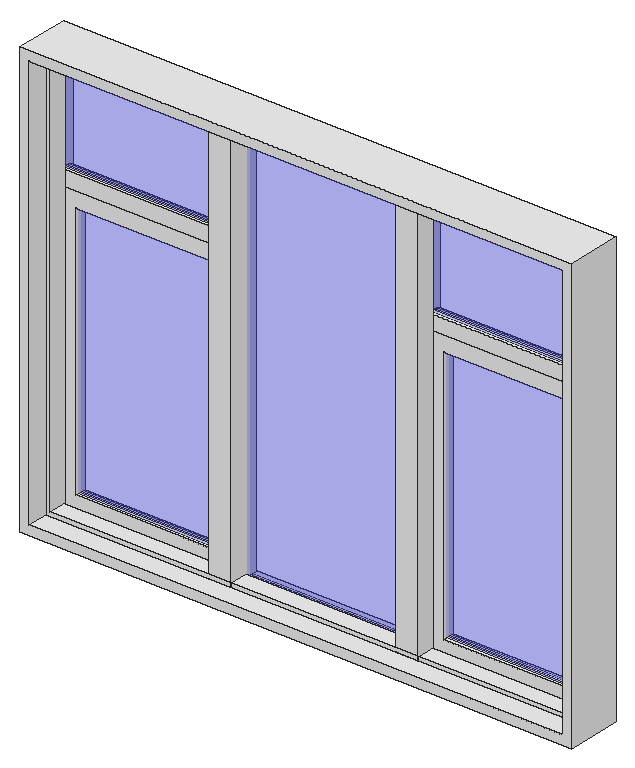
Revit family "ed0521a98f7946948b3311d2a9f7d9aa", category Windows, host Wall, Revit 2021
Family settings
  Host = Wall
  OmniClass Number = 23.30.20.00
  OmniClass Title = Windows
  Always vertical = Yes
  Cut with Voids When Loaded = No
  Shared = No
  Room Calculation Point = No
Parameters (values of type "61" x 48"")
  Window Width = Width / 3  # 1' - 8.33333"
  Window Inset [instance] = 0' - 0 5/8"
  Wall Thickness [instance] = 0' - 6"
  Visual Light Transmittance = 0.81
  Transom Height Ratio = 0.3
  Thermal Resistance (R) = 1.8146 (h·ft²·°F)/BTU
  Solar Heat Gain Coefficient = 0.76
  Rough Width = Width + 0' 0 1/2"  # 5' - 1 1/2"
  Rough Height = Height + 0' 0 1/2"  # 4' - 0 1/2"
  Open Window Height = Height - Transom Height  # 2' - 9.6"
  Heat Transfer Coefficient (U) = 0.5511 BTU/(h·ft²·°F)
  Frame Material = Metal - Aluminum
  Height = 4' - 0"
  Glass Panel Material = Glass
  Transom Height = Transom Height Ratio * Height  # 1' - 2.4"
  Frame Gap 3 [instance] = Frame Gap 1 + 0' 0 1/4"  # 0' - 1 83/128"
  Frame Gap 2 [instance] = if(Window Inset > 0' 0 5/8", Window Inset, 0' 0 5/8")  # 0' - 0 5/8"
  Frame Gap 1 = 0' - 1 51/128"
  Fire Rating = "0.5h"
  Default Sill Height = 3' - 0"
  Wall Closure = By host
  Width = 5' - 1"
  Assembly Code = "B2020100"
  Analytic Construction = "Double glazing - domestic"
Types (4): name | Window Width | Rough Width | Rough Height | Open Window Height | Height | Transom Height | Width
  (no name) | 1' - 8.33333" | 5' - 1 1/2" | 4' - 0 1/2" | 2' - 9.6" | 4' - 0" | 1' - 2.4" | 5' - 1"
  72" x 53" | 2' - 0" | 6' - 0 1/2" | 4' - 5 1/2" | 3' - 1.1" | 4' - 5" | 1' - 3.9" | 6' - 0"
  61" x 48" | 1' - 8.33333" | 5' - 1 1/2" | 4' - 0 1/2" | 2' - 9.6" | 4' - 0" | 1' - 2.4" | 5' - 1"
  85" x 60" | 2' - 4.33333" | 7' - 1 1/2" | 5' - 0 1/2" | 3' - 6" | 5' - 0" | 1' - 6" | 7' - 1"
Reference planes (in)
  plane 1 "Center (Front/Back)": y = 0
  plane 2: z = 0
  plane 3 "Center (Left/Right)": x = 0
  plane 4 "Left": x = -30.5
  plane 5 "Right": x = 30.5
  plane 6 "Sill": z = 36
  plane 7 "Head": z = 84
  plane 8 "Exterior": y = 3
  plane 9 "Interior": y = -3
  plane 10 "Glass 1": y = 2.375
  plane 11: y = -0.625
  plane 12: x = -29.5
  plane 13: x = 29.5
  plane 14: y = 1.375
  plane 15: x = -29.10156
  plane 16: x = 29.10156
  plane 17: x = -10.16667
  plane 18: x = 10.16667
  plane 19: x = -11.16667
  plane 20: x = -9.16667
  plane 21: x = 9.16667
  plane 22: x = 11.16667
  plane 23: x = -11.5651
  plane 24: x = -8.76823
  plane 25: x = 8.76823
  plane 26: x = 11.5651
  plane 27: z = 83
  plane 28: z = 37
  plane 29 "Sash Offset": y = 2.625
  plane 30: y = 3
  plane 31: x = -27.85156
  plane 32: x = -12.8151
  plane 33: x = -7.51823
  plane 34: x = 7.51823
  plane 35: x = 12.8151
  plane 36: x = 27.85156
  plane 37: z = 37.39844
  plane 38: z = 82.60156
  plane 39: z = 70.42422
  plane 40 "Glass 2": y = 2.125
  plane 41 "Glass 3": y = 1.875
  plane 42 "Glass 4": y = 1.625
  plane 43 "Middle": z = 53.71211
  plane 44 "Mullion Offset": y = 2.875
  plane 45: z = 68.77578
  plane 46: z = 69.6
Forms (in)
  Sweep 1, solid, material "Metal - Aluminum" <- "Frame Material"
    path origin (0, 0, 0) x (1, 0, 0) y (0, 0, 1)
      loop
        line (-30.5, 36) -> (30.5, 36) -> (30.5, 84) -> (-30.5, 84) -> (-30.5, 36)
    profile origin (-30.5, 0, 60) x (-1, 0, 0) y (0, -1, 0)
      loop
        line (-1, -3) -> (0, -3) -> (0, 3) -> (-1, 3) -> (-1, 0.625) -> (-1.39844, 0.625) -> (-1.39844, -1.375) -> (-1, -1.375) -> (-1, -3)
  Extrusion 2, solid, material "Metal - Aluminum" <- "Frame Material"
    sketch origin (0, 0, 36) x (0, -1, 0) y (1, 0, 0)
      loop
        line (-2.875, -11.16667) -> (-1.375, -11.16667) -> (-1.375, -11.5651) -> (0.625, -11.5651) -> (0.625, -9.16667) -> (-2.875, -9.16667) -> (-2.875, -11.16667)
      loop
        line (-2.875, 9.16667) -> (0.625, 9.16667) -> (0.625, 11.5651) -> (-1.375, 11.5651) -> (-1.375, 11.16667) -> (-2.875, 11.16667) -> (-2.875, 9.16667)
    from 1 to 47
  Sweep 3, solid, material "Metal - Aluminum" <- "Frame Material"
    path origin (-18.69568, 2.625, 48) x (-1, 0, 0) y (0, 0, 1)
      loop
        line (-48.19568, -11) -> (-29.86235, -11) -> (-29.86235, 20.77578) -> (-48.19568, 20.77578) -> (-48.19568, -11)
    profile origin (29.5, 2.625, 52.88789) x (1, 0, 0) y (0, 1, 0)
      loop
        line (-1.64844, 0) -> (-1.64844, -1.25) -> (0, -1.25) -> (0, 0) -> (-1.64844, 0)
  Sweep 4, solid, material "Metal - Aluminum" <- "Frame Material"
    path origin (-18.69568, 2.625, 48) x (-1, 0, 0) y (0, 0, 1)
      loop
        line (10.80432, -11) -> (10.80432, 20.77578) -> (-7.52901, 20.77578) -> (-7.52901, -11) -> (10.80432, -11)
    profile origin (-29.5, 2.625, 52.88789) x (1, 0, 0) y (0, 1, 0)
      loop
        line (0, 0) -> (0, -1.25) -> (1.64844, -1.25) -> (1.64844, 0) -> (0, 0)
  Extrusion 5, solid, material "Glass" <- "Glass Panel Material"
    sketch origin (0, 0, 36) x (0, -1, 0) y (1, 0, 0)
      loop
        line (-2.375, -27.85156) -> (-2.125, -27.85156) -> (-2.125, -12.8151) -> (-2.375, -12.8151) -> (-2.375, -27.85156)
      loop
        line (-1.875, -27.85156) -> (-1.625, -27.85156) -> (-1.625, -12.8151) -> (-1.875, -12.8151) -> (-1.875, -27.85156)
      loop
        line (-2.375, 12.8151) -> (-2.125, 12.8151) -> (-2.125, 27.85156) -> (-2.375, 27.85156) -> (-2.375, 12.8151)
      loop
        line (-1.875, 12.8151) -> (-1.625, 12.8151) -> (-1.625, 27.85156) -> (-1.875, 27.85156) -> (-1.875, 12.8151)
    from 2.64844 to 31.12734
  Extrusion 6, solid, material "Metal - Aluminum" <- "Frame Material"
    sketch origin (-7.51823, 7.34112, 48) x (0, 1, 0) y (0, 0, 1)
      loop
        line (-4.71612, 22.42422) -> (-5.96612, 22.42422) -> (-5.96612, 20.77578) -> (-4.71612, 20.77578) -> (-4.71612, 22.42422)
    from 18.6849 to 37.01823
  Extrusion 7, solid, material "Glass" <- "Glass Panel Material"
    sketch origin (0, 0, 36) x (0, -1, 0) y (1, 0, 0)
      loop
        line (-2.375, -9.16667) -> (-2.125, -9.16667) -> (-2.125, 9.16667) -> (-2.375, 9.16667) -> (-2.375, -9.16667)
      loop
        line (-1.875, -9.16667) -> (-1.625, -9.16667) -> (-1.625, 9.16667) -> (-1.875, 9.16667) -> (-1.875, -9.16667)
    from 1 to 47
  Extrusion 8, solid, material "Metal - Aluminum" <- "Frame Material"
    sketch origin (-7.51823, 7.34112, 48) x (0, 1, 0) y (0, 0, 1)
      loop
        line (-4.71612, 22.42422) -> (-5.96612, 22.42422) -> (-5.96612, 20.77578) -> (-4.71612, 20.77578) -> (-4.71612, 22.42422)
    from -21.98177 to -3.64844
  Extrusion 9, solid, material "Glass" <- "Glass Panel Material"
    sketch origin (0, 0, 36) x (0, -1, 0) y (1, 0, 0)
      loop
        line (-2.375, -29.5) -> (-2.125, -29.5) -> (-2.125, -11.16667) -> (-2.375, -11.16667) -> (-2.375, -29.5)
      loop
        line (-1.875, -29.5) -> (-1.625, -29.5) -> (-1.625, -11.16667) -> (-1.875, -11.16667) -> (-1.875, -29.5)
      loop
        line (-2.375, 11.16667) -> (-2.125, 11.16667) -> (-2.125, 29.5) -> (-2.375, 29.5) -> (-2.375, 11.16667)
      loop
        line (-1.875, 11.16667) -> (-1.625, 11.16667) -> (-1.625, 29.5) -> (-1.875, 29.5) -> (-1.875, 11.16667)
    from 34.42422 to 47
Lines and regions (in)
  Opening 1
    outline origin (-60, -3, 0) x (1, 0, 0) y (0, 0, 1)
      loop
        line (29.5, 84) -> (29.5, 36) -> (90.5, 36) -> (90.5, 84) -> (29.5, 84)
  symbolic lines, style "Elevation Swing"
    curve 1: line (11.16667, 2.625, 68.77578) -> (29.5, 2.625, 53.71211)
    curve 2: line (29.5, 2.625, 53.71211) -> (11.16667, 2.625, 37)
    curve 3: line (-11.16667, 2.625, 68.77578) -> (-29.5, 2.625, 53.71211)
    curve 4: line (-29.5, 2.625, 53.71211) -> (-11.16667, 2.625, 37)
Text (in)
  text "EXTERIOR" at (-58.6888, 50.90694, 0), in view "Ref. Level"
  text "INTERIOR" at (-58.6888, -37.76638, 0), in view "Ref. Level"
  text "Exterior" at (0, 43.65631, 123.19604), in view "Left"
  text "Exterior" at (0, 18.29385, 125.04747), in view "Right"
Dimensions and locks (in)
  equal spacing: plane 4 "Left", plane 3 "Center (Left/Right)", plane 5 "Right"
  "Width": plane 4 "Left" to plane 5 "Right"
  "Height": plane 6 "Sill" to plane 7 "Head"
  "Default Sill Height": plane 2 to plane 6 "Sill"
  "Window Inset": plane 8 "Exterior" to plane 10 "Glass 1"
  locked: plane 4 "Left" to plane 12 at 1
  locked: plane 13 to plane 5 "Right" at 1
  "Frame Gap 1": plane 4 "Left" to plane 15
  "Frame Gap 1": plane 16 to plane 5 "Right"
  locked: plane 14 to plane 11 at 2
  equal spacing: plane 4 "Left", plane 17, plane 18, plane 5 "Right"
  locked: plane 19 to plane 17 at 1
  locked: plane 17 to plane 20 at 1
  locked: plane 21 to plane 18 at 1
  locked: plane 18 to plane 22 at 1
  "Frame Gap 1": plane 23 to plane 17
  "Frame Gap 1": plane 17 to plane 24
  "Frame Gap 1": plane 25 to plane 18
  "Frame Gap 1": plane 18 to plane 26
  locked: plane 7 "Head" to plane 27 at 1
  locked: plane 28 to plane 6 "Sill" at 1
  "Frame Gap 2": plane 30 to plane 10 "Glass 1"
  "Frame Gap 3": plane 12 to plane 31
  "Frame Gap 3": plane 32 to plane 19
  "Frame Gap 3": plane 20 to plane 33
  "Frame Gap 3": plane 34 to plane 21
  "Frame Gap 3": plane 22 to plane 35
  "Frame Gap 3": plane 36 to plane 13
  "Frame Gap 1": plane 6 "Sill" to plane 37
  "Frame Gap 1": plane 38 to plane 7 "Head"
  "Frame Gap 3": Extrusion 6 sketch curve to Extrusion 6 sketch curve
  locked: plane 10 "Glass 1" to plane 40 "Glass 2" at 0.25
  locked: plane 40 "Glass 2" to plane 41 "Glass 3" at 0.25
  locked: plane 41 "Glass 3" to plane 42 "Glass 4" at 0.25
  locked: plane 10 "Glass 1" to plane 14 at 1
  locked: plane 29 "Sash Offset" to plane 10 "Glass 1" at 0.25
  locked: plane 44 "Mullion Offset" to plane 29 "Sash Offset" at 0.25
  "Frame Gap 3": plane 45 to plane 39
  equal spacing: plane 28, plane 43 "Middle", plane 39
  "Wall Thickness": host wall to host wall
  equal spacing: plane 45, plane 46, plane 39
  "Transom Height": plane 46 to plane 7 "Head"
  aligned and locked: plane 7 "Head" to Opening 1 sketch curve
  aligned and locked: plane 6 "Sill" to Opening 1 sketch curve  (x2)
  aligned and locked: plane 5 "Right" to Opening 1 sketch curve
  aligned and locked: plane 4 "Left" to Opening 1 sketch curve
  aligned and locked: level to plane 2
  aligned and locked: host wall to plane 8 "Exterior"
  aligned and locked: plane 9 "Interior" to host wall
  aligned and locked: Sweep 1 sketch curve to plane 4 "Left"  (x2)
  aligned and locked: plane 7 "Head" to Sweep 1 sketch curve  (x2)
  aligned and locked: plane 5 "Right" to Sweep 1 sketch curve  (x2)
  aligned and locked: plane 6 "Sill" to Sweep 1 sketch curve  (x2)
  aligned and locked: plane 4 "Left" to Sweep 1 sketch curve
  aligned and locked: Sweep 1 sketch curve to plane 14
  aligned and locked: Sweep 1 sketch curve to plane 15
  aligned and locked: plane 11 to Sweep 1 sketch curve  (x2)
  aligned and locked: plane 9 "Interior" to Sweep 1 sketch curve  (x2)
  aligned and locked: plane 12 to Sweep 1 sketch curve  (x2)
  aligned and locked: plane 15 to Sweep 1 sketch curve
  aligned and locked: plane 14 to Sweep 1 sketch curve
  aligned and locked: Extrusion 2 sketch curve to plane 19
  aligned and locked: Extrusion 2 to Sweep 1
  aligned and locked: plane 30 to Sweep 1 sketch curve
  aligned and locked: Sweep 4 sketch curve to plane 19
  aligned and locked: plane 28 to Sweep 4 sketch curve  (x2)
  aligned and locked: plane 12 to Sweep 4 sketch curve  (x2)
  aligned and locked: plane 19 to Sweep 4 sketch curve
  aligned and locked: Sweep 4 sketch curve to profile plane  (x2)
  aligned and locked: plane 14 to Sweep 4 sketch curve
  aligned and locked: Sweep 4 sketch curve to plane 31
  aligned and locked: plane 28 to Sweep 3 sketch curve  (x2)
  aligned and locked: plane 13 to Sweep 3 sketch curve  (x2)
  aligned and locked: plane 22 to Sweep 3 sketch curve  (x2)
  aligned and locked: Sweep 3 sketch curve to profile plane
  aligned and locked: plane 36 to Sweep 3 sketch curve
  aligned and locked: Sweep 3 sketch curve to Sweep 1
  aligned and locked: Sweep 1 to Sweep 3 sketch curve
  aligned and locked: plane 29 "Sash Offset" to Extrusion 6 sketch curve
  aligned and locked: Extrusion 6 sketch curve to plane 14
  aligned and locked: plane 10 "Glass 1" to Extrusion 5 sketch curve  (x2)
  aligned and locked: Extrusion 5 sketch curve to plane 31
  aligned and locked: Extrusion 5 sketch curve to plane 40 "Glass 2"  (x2)
  aligned and locked: plane 32 to Extrusion 5 sketch curve  (x2)
  aligned and locked: Extrusion 5 sketch curve to plane 41 "Glass 3"
  aligned and locked: Extrusion 5 sketch curve to plane 42 "Glass 4"  (x2)
  aligned and locked: Extrusion 5 sketch curve to plane 35  (x2)
  aligned and locked: plane 36 to Extrusion 5 sketch curve  (x2)
  aligned and locked: plane 41 "Glass 3" to Extrusion 5 sketch curve
  aligned and locked: plane 13 to curve 2
  aligned and locked: plane 43 "Middle" to curve 1
  aligned and locked: plane 22 to curve 2
  aligned and locked: plane 28 to curve 2
  aligned and locked: plane 28 to curve 4
  aligned and locked: plane 19 to curve 4
  aligned and locked: plane 43 "Middle" to curve 4
  aligned and locked: plane 12 to curve 4
  aligned and locked: plane 39 to Extrusion 6
  aligned and locked: plane 44 "Mullion Offset" to Extrusion 2  (x2)
  aligned and locked: Extrusion 8 sketch curve to Extrusion 6  (x4)
  aligned and locked: plane 45 to Sweep 4 sketch curve
  aligned and locked: plane 13 to Extrusion 6
  aligned and locked: Extrusion 6 to plane 22
  aligned and locked: Extrusion 5 to Sweep 4  (x2)
  aligned and locked: Extrusion 2 sketch curve to plane 20
  aligned and locked: plane 11 to Extrusion 2 sketch curve  (x4)
  aligned and locked: plane 23 to Extrusion 2 sketch curve
  aligned and locked: Extrusion 2 sketch curve to plane 14
  aligned and locked: plane 20 to Extrusion 2 sketch curve
  aligned and locked: plane 44 "Mullion Offset" to Extrusion 2 sketch curve  (x4)
  aligned and locked: plane 19 to Extrusion 2 sketch curve
  aligned and locked: plane 14 to Extrusion 2 sketch curve  (x2)
  aligned and locked: plane 26 to Extrusion 2 sketch curve  (x2)
  aligned and locked: plane 21 to Extrusion 2 sketch curve  (x2)
  aligned and locked: plane 22 to Extrusion 2 sketch curve  (x2)
  aligned and locked: plane 19 to Extrusion 8
  aligned and locked: Extrusion 8 to plane 12
  aligned and locked: plane 10 "Glass 1" to Extrusion 7 sketch curve
  aligned and locked: Extrusion 7 sketch curve to plane 20  (x2)
  aligned and locked: Extrusion 7 sketch curve to plane 40 "Glass 2"
  aligned and locked: plane 21 to Extrusion 7 sketch curve  (x2)
  aligned and locked: plane 41 "Glass 3" to Extrusion 7 sketch curve
  aligned and locked: Extrusion 7 sketch curve to plane 42 "Glass 4"
  aligned and locked: Extrusion 7 to plane 28
  aligned and locked: plane 27 to Extrusion 7
  aligned and locked: plane 10 "Glass 1" to Extrusion 9 sketch curve  (x2)
  aligned and locked: Extrusion 9 sketch curve to plane 12  (x2)
  aligned and locked: Extrusion 9 sketch curve to plane 40 "Glass 2"  (x2)
  aligned and locked: Extrusion 9 sketch curve to Extrusion 2
  aligned and locked: Extrusion 9 sketch curve to plane 41 "Glass 3"
  aligned and locked: Extrusion 9 sketch curve to plane 42 "Glass 4"  (x2)
  aligned and locked: plane 19 to Extrusion 9 sketch curve
  aligned and locked: Extrusion 9 sketch curve to plane 22  (x2)
  aligned and locked: plane 13 to Extrusion 9 sketch curve  (x2)
  aligned and locked: plane 41 "Glass 3" to Extrusion 9 sketch curve
  aligned and locked: plane 27 to Extrusion 9
  aligned and locked: Extrusion 9 to plane 39
  aligned and locked: nested 1 to plane 4 "Left"
  aligned and locked: nested 1 to plane 8 "Exterior"
  aligned and locked: nested 2 to plane 5 "Right"
  aligned and locked: plane 18 to nested 3
  aligned and locked: nested 3 to plane 8 "Exterior"
  aligned and locked: nested 3 to plane 7 "Head"
  aligned and locked: plane 39 to nested 1
  aligned and locked: Sweep 1 sketch curve to plane 30
  aligned and locked: Extrusion 2 to plane 28
  aligned and locked: nested 2 to plane 8 "Exterior"
  aligned and locked: plane 45 to curve 1
  aligned and locked: plane 22 to curve 1
  aligned and locked: plane 45 to curve 3
  aligned and locked: plane 19 to curve 3
Automatic sketch dimensions
  Extrusion 5 sketch curve to plane 31 = 0' - 0"
  Sweep 3 sketch curve to plane 45 = 0' - 0"
  Extrusion 9 sketch curve to plane 40 "Glass 2" = 0' - 0"
  Extrusion 6 sketch curve to plane 45 = 0' - 0"
Nested families (in)
  nested 1: "Plan-Casement" at (-20.33333, 3, 36.82422), Window Inset <- "Window Inset", Width <- "Window Width", Height <- "Open Window Height", Wall Thickness <- "Wall Thickness", type "Plan-Casement"
    with Window Inset of 3D 0' - 0 1/8", Window Inset 0' - 0 5/8", Width 1' - 8.33333", Wall Thickness 0' - 6", Top Line no, Right Line no, RH no, Left Line yes, LH yes, Height 2' - 9.6", Bottom Line yes
  nested 2: "Plan-Casement" at (20.33333, 3, 36), Window Inset <- "Window Inset", Width <- "Window Width", Height <- "Open Window Height", Wall Thickness <- "Wall Thickness", type "Plan-Casement"
    with Window Inset of 3D 0' - 0 1/8", Window Inset 0' - 0 5/8", Width 1' - 8.33333", Wall Thickness 0' - 6", Top Line no, Right Line yes, RH yes, Left Line no, LH no, Height 2' - 9.6", Bottom Line yes
  nested 3: "Plan-Fixed_Simple" at (0, 3, 69.6), Window Inset <- "Window Inset", Width <- "Window Width", Height <- "Transom Height", Wall Thickness <- "Wall Thickness", type "Plan-Fixed_Simple"
    with Window Inset of 3D 0' - 0 1/8", Window Inset 0' - 0 5/8", Width 1' - 8.33333", Wall Thickness 0' - 6", Top Line yes, Right Line no, Left Line no, Height 1' - 2.4", Bottom Line no
Definition of nested family "Plan-Casement"
  Parameters (values of type "Plan-Casement")
    Window Inset [instance] = 0' - 1"
    Window Inset of 3D [instance] = if(Window Inset - 0' 0 1/2" < 0' 0", 0' 0", if(Window Inset - 0' 0 1/2" < Wall Thickness - 0' 3 1/2", Window Inset - 0' 0 1/2", Wall Thickness - 0' 3 1/2"))  # 0' - 0 1/2"
    Width [instance] = 4' - 0"
    Wall Thickness [instance] = 0' - 6"
    Top Line [instance] = yes
    Right Line [instance] = yes
    RH [instance] = yes
    Left Line [instance] = yes
    LH [instance] = yes
    Height [instance] = 3' - 0"
    Default Elevation = 4' - 0"
    Bottom Line [instance] = yes
    Analytic Construction = "<None>"
  Reference planes (in)
    plane 1 "Center (Front/Back)": y = 0
    plane 2: z = 0
    plane 3 "Center (Left/Right)": x = 0
    plane 4: x = -24
    plane 5: x = 24
    plane 6 "Jamb": y = -4
    plane 7: x = -23.5
    plane 8: x = -22.75
    plane 9: y = -0.5
    plane 10: y = -2.25
    plane 11: y = -1.375
    plane 12: x = -21.25
    plane 13: x = 23.5
    plane 14: x = 22.75
    plane 15: x = 21.25
    plane 16 "Window Inset": y = -1
    plane 17 "Wall": y = -6
    plane 18: z = 36
    plane 19: z = 35.5
    plane 20: z = 0.5
    plane 21: z = 34.75
    plane 22: z = 1.25
    plane 23: z = 33.25
    plane 24: z = 2.75
  Lines and regions (in)
    Masking region 1
      outline origin (0, 0.75, 0) x (1, 0, 0) y (0, 1, 0)
        loop
          line (-24, -0.75) -> (-24, -6.75) -> (24, -6.75) -> (24, -0.75) -> (-24, -0.75)
    Masking region 2
      outline origin (0, 0, 0) x (0, 1, 0) y (0, 0, 1)
        loop
          line (0, 36) -> (-6, 36) -> (-6, 0) -> (0, 0) -> (0, 36)
    symbolic lines
      curve 1: line (-23.5, -2.25, 0) -> (-22.75, -2.25, 0)
      curve 2: line (-22.75, -2.25, 0) -> (-22.75, -4, 0)
      curve 3: line (-23.5, -0.5, 0) -> (-23.5, -2.25, 0)
      curve 4: line (-21.25, -0.5, 0) -> (-21.25, -2.25, 0)
      curve 5: line (-21.25, -2.25, 0) -> (-22.75, -2.25, 0)
      curve 6: line (-21.25, -1.375, 0) -> (21.25, -1.375, 0)
      curve 7: line (23.5, -2.25, 0) -> (22.75, -2.25, 0)
      curve 8: line (22.75, -2.25, 0) -> (22.75, -4, 0)
      curve 9: line (23.5, -0.5, 0) -> (23.5, -2.25, 0)
      curve 10: line (21.25, -0.5, 0) -> (21.25, -2.25, 0)
      curve 11: line (21.25, -2.25, 0) -> (22.75, -2.25, 0)
      curve 14: line (-24, -4, 0) -> (-22.75, -4, 0)
      curve 15: line (22.75, -4, 0) -> (24, -4, 0)
      curve 16: line (22.75, -4, 0) -> (-22.75, -4, 0)
      curve 17: line (0, -0.5, 35.5) -> (0, -2.25, 35.5)
      curve 18: line (0, -2.25, 34.75) -> (0, -4, 34.75)
      curve 19: line (0, -0.5, 0.5) -> (0, -2.25, 0.5)
      curve 20: line (0, -2.25, 0.5) -> (0, -2.25, 2.75)
      curve 21: line (0, -2.25, 1.25) -> (0, -4, 1.25)
      curve 22: line (0, -0.5, 36) -> (0, -0.5, 33.25)
      curve 23: line (0, -0.5, 33.25) -> (0, -2.25, 33.25)
      curve 24: line (0, -2.25, 2.75) -> (0, -0.5, 2.75)
      curve 25: line (0, -1.375, 2.75) -> (0, -1.375, 33.25)
      curve 28: line (0, -2.25, 35.5) -> (0, -2.25, 33.25)
      curve 29: line (21.25, -0.5, 0) -> (24, -0.5, 0)
      curve 30: line (-21.25, -0.5, 0) -> (-24, -0.5, 0)
      curve 31: line (0, -0.5, 2.75) -> (0, -0.5, 0)
      curve 32: line (-21.25, -0.5, 0) -> (21.25, -0.5, 0)
      curve 33: line (0, -0.5, 33.25) -> (0, -0.5, 2.75)
      curve 38: line (0, -4, 1.25) -> (0, -4, 34.75)
      curve 39: line (0, -4, 1.25) -> (0, -4, 0)
      curve 40: line (0, -4, 36) -> (0, -4, 34.75)
    symbolic lines, visible <- "RH"
      curve 12: arc (-23.5, -0.5, 0) -> (-19.92234, 17.48612, 0) -> (-9.73402, 32.73402, 0) r 47
      curve 26: line (23.5, -0.5, 0) -> (-9.73402, 32.73402, 0)
    symbolic lines, visible <- "LH"
      curve 13: line (-23.5, -0.5, 0) -> (9.73402, 32.73402, 0)
      curve 27: arc (23.5, -0.5, 0) -> (19.92234, 17.48612, 0) -> (9.73402, 32.73402, 0) r 47
    symbolic lines, visible <- "Right Line"
      curve 34: line (24, 0, 0) -> (24, -6, 0)
    symbolic lines, visible <- "Left Line"
      curve 35: line (-24, 0, 0) -> (-24, -6, 0)
    symbolic lines, visible <- "Top Line"
      curve 36: line (0, 0, 36) -> (0, -6, 36)
    symbolic lines, visible <- "Bottom Line"
      curve 37: line (0, 0, 0) -> (0, -6, 0)
  Dimensions and locks (in)
    "Width": plane 4 to plane 5
    equal spacing: plane 4, plane 3 "Center (Left/Right)", plane 5
    plane 4 to plane 7 to plane 8 = 0' - 0 1/2" locked, 0' - 0 3/4" locked
    equal spacing: plane 9, plane 11, plane 10
    locked: plane 7 to plane 12 at 2.25
    plane 5 to plane 13 to plane 14 = 0' - 0 1/2" locked, 0' - 0 3/4" locked
    locked: plane 13 to plane 15 at 2.25
    locked: plane 9 to plane 16 "Window Inset" at 0.5
    locked: plane 9 to plane 10 at 1.75
    "Wall Thickness": plane 17 "Wall" to plane 1 "Center (Front/Back)"
    "Height": plane 18 to plane 2
    locked: plane 18 to plane 19 at 0.5
    locked: plane 20 to plane 2 at 0.5
    locked: plane 19 to plane 21 at 0.75
    locked: plane 22 to plane 20 at 0.75
    locked: plane 19 to plane 23 at 2.25
    locked: plane 24 to plane 20 at 2.25
    locked: plane 10 to plane 6 "Jamb" at 1.75
    "Window Inset of 3D": plane 9 to plane 1 "Center (Front/Back)"
    locked: plane 9 to curve 13 (angle 45.00°)
    angle curve 26 to plane 16 "Window Inset" = 45.00°
    aligned and locked: plane 2 to level
    aligned and locked: curve 2 to plane 8
    aligned and locked: curve 1 to plane 10
    aligned and locked: plane 14 to curve 8
    aligned and locked: curve 14 to plane 6 "Jamb"
    aligned and locked: curve 15 to plane 6 "Jamb"
    aligned and locked: plane 21 to curve 18
    aligned and locked: plane 19 to curve 17
    aligned and locked: plane 22 to curve 21
    aligned and locked: plane 10 to curve 20
    aligned and locked: plane 20 to curve 19
    aligned and locked: curve 22 to plane 9
    aligned and locked: plane 23 to curve 23
    aligned and locked: curve 24 to plane 24
    aligned and locked: plane 11 to curve 25
    aligned and locked: plane 13 to curve 27
    aligned and locked: plane 9 to curve 13
    aligned and locked: plane 9 to curve 26
    aligned and locked: plane 5 to curve 29
    aligned and locked: plane 18 to curve 22
    aligned and locked: plane 9 to curve 17
    aligned and locked: plane 9 to curve 19
    aligned and locked: plane 9 to curve 3
    aligned and locked: plane 9 to curve 9
    aligned and locked: curve 28 to plane 10
    aligned and locked: plane 19 to curve 28
    aligned and locked: plane 23 to curve 28
    aligned and locked: plane 4 to curve 30
    aligned and locked: plane 9 to curve 31
    aligned and locked: plane 2 to curve 31
    aligned and locked: curve 32 to plane 9
    aligned and locked: plane 12 to curve 32
    aligned and locked: plane 15 to curve 32
    aligned and locked: plane 24 to curve 33
    aligned and locked: plane 1 "Center (Front/Back)" to curve 34
    aligned and locked: plane 17 "Wall" to curve 34
    aligned and locked: curve 34 to plane 5
    aligned and locked: plane 17 "Wall" to curve 35
    aligned and locked: plane 1 "Center (Front/Back)" to curve 35
    aligned and locked: curve 35 to plane 4
    aligned and locked: plane 17 "Wall" to curve 37
    aligned and locked: plane 1 "Center (Front/Back)" to curve 37
    aligned and locked: curve 37 to plane 2
    aligned and locked: plane 17 "Wall" to curve 36
    aligned and locked: plane 1 "Center (Front/Back)" to curve 36
    aligned and locked: curve 36 to plane 18
    aligned and locked: plane 1 "Center (Front/Back)" to Masking region 1 sketch curve
    aligned and locked: plane 17 "Wall" to Masking region 1 sketch curve
    aligned and locked: plane 4 to Masking region 1 sketch curve
    aligned and locked: Masking region 1 sketch curve to plane 5
    aligned and locked: plane 2 to Masking region 2 sketch curve
    aligned and locked: Masking region 2 sketch curve to plane 18
    aligned and locked: plane 1 "Center (Front/Back)" to Masking region 2 sketch curve
    aligned and locked: plane 17 "Wall" to Masking region 2 sketch curve
    aligned and locked: plane 6 "Jamb" to curve 21
    aligned and locked: plane 6 "Jamb" to curve 18
    aligned and locked: plane 10 to curve 18
    aligned and locked: plane 10 to curve 21
    aligned and locked: plane 22 to curve 39
    aligned and locked: plane 21 to curve 40
    aligned and locked: plane 6 "Jamb" to curve 40
  Automatic sketch dimensions
    curve 3 to plane 7 = 0' - 0"
    curve 27 to plane 7 = 0' - 0"
    curve 12 to plane 13 = 0' - 0"
    curve 7 to plane 10 = 0' - 0"
    curve 6 to plane 11 = 0' - 0"
Definition of nested family "Plan-Fixed_Simple"
  Parameters (values of type "Plan-Fixed_Simple")
    Window Inset [instance] = 0' - 1"
    Window Inset of 3D [instance] = if(Window Inset - 0' 0 1/2" < 0' 0", 0' 0", if(Window Inset - 0' 0 1/2" < Wall Thickness - 0' 3 1/2", Window Inset - 0' 0 1/2", Wall Thickness - 0' 3 1/2"))  # 0' - 0 1/2"
    Width [instance] = 4' - 0"
    Wall Thickness [instance] = 0' - 6"
    Top Line [instance] = yes
    Right Line [instance] = yes
    Left Line [instance] = yes
    Height [instance] = 3' - 0"
    Default Elevation = 4' - 0"
    Bottom Line [instance] = yes
    Analytic Construction = "<None>"
  Reference planes (in)
    plane 1 "Center (Front/Back)": y = 0
    plane 2: z = 0
    plane 3 "Center (Left/Right)": x = 0
    plane 4: x = -24
    plane 5: x = 24
    plane 6 "Jamb": y = -4
    plane 7: x = -23.5
    plane 8: y = -0.5
    plane 9: y = -2.25
    plane 10: y = -1.375
    plane 11: x = 23.5
    plane 12 "Window Inset": y = -1
    plane 13 "Wall": y = -6
    plane 14: z = 36
    plane 15: z = 35.5
    plane 16: z = 0.5
    plane 17: z = 34.75
    plane 18: z = 1.25
    plane 19: z = 33.25
    plane 20: z = 2.75
  Lines and regions (in)
    Masking region 1
      outline origin (0, 0.75, 0) x (1, 0, 0) y (0, 1, 0)
        loop
          line (-24, -0.75) -> (-24, -6.75) -> (24, -6.75) -> (24, -0.75) -> (-24, -0.75)
    Masking region 2
      outline origin (0, 0, 0) x (0, 1, 0) y (0, 0, 1)
        loop
          line (-6, 0) -> (0, 0) -> (0, 36) -> (-6, 36) -> (-6, 0)
    symbolic lines
      curve 1: line (-23.5, -0.5, 0) -> (-23.5, -4, 0)
      curve 2: line (-23.5, -1.375, 0) -> (23.5, -1.375, 0)
      curve 3: line (23.5, -0.5, 0) -> (23.5, -4, 0)
      curve 4: line (-24, -4, 0) -> (-23.5, -4, 0)
      curve 5: line (23.5, -4, 0) -> (24, -4, 0)
      curve 6: line (23.5, -4, 0) -> (-23.5, -4, 0)
      curve 7: line (0, -0.5, 35.5) -> (0, -4, 35.5)
      curve 8: line (0, -4, 0.5) -> (0, -4, 35.5)
      curve 9: line (0, -0.5, 0.5) -> (0, -4, 0.5)
      curve 10: line (0, -0.5, 36) -> (0, -0.5, 35.5)
      curve 11: line (0, -1.375, 0.5) -> (0, -1.375, 35.5)
      curve 12: line (23.5, -0.5, 0) -> (24, -0.5, 0)
      curve 13: line (-23.5, -0.5, 0) -> (-24, -0.5, 0)
      curve 14: line (0, -0.5, 0.5) -> (0, -0.5, 0)
      curve 15: line (-23.5, -0.5, 0) -> (23.5, -0.5, 0)
      curve 16: line (0, -0.5, 0.5) -> (0, -0.5, 35.5)
      curve 17: line (0, -4, 0.5) -> (0, -4, 0)
      curve 18: line (0, -4, 35.5) -> (0, -4, 36)
    symbolic lines, visible <- "Left Line"
      curve 19: line (-24, 0, 0) -> (-24, -6, 0)
    symbolic lines, visible <- "Right Line"
      curve 20: line (24, 0, 0) -> (24, -6, 0)
    symbolic lines, visible <- "Top Line"
      curve 21: line (0, 0, 36) -> (0, -6, 36)
    symbolic lines, visible <- "Bottom Line"
      curve 22: line (0, 0, 0) -> (0, -6, 0)
  Dimensions and locks (in)
    "Width": plane 4 to plane 5
    equal spacing: plane 4, plane 3 "Center (Left/Right)", plane 5
    locked: plane 4 to plane 7 at 0.5
    equal spacing: plane 8, plane 10, plane 9
    locked: plane 5 to plane 11 at 0.5
    locked: plane 8 to plane 12 "Window Inset" at 0.5
    locked: plane 8 to plane 9 at 1.75
    "Wall Thickness": plane 13 "Wall" to plane 1 "Center (Front/Back)"
    "Height": plane 14 to plane 2
    locked: plane 14 to plane 15 at 0.5
    locked: plane 16 to plane 2 at 0.5
    locked: plane 15 to plane 17 at 0.75
    locked: plane 18 to plane 16 at 0.75
    locked: plane 15 to plane 19 at 2.25
    locked: plane 20 to plane 16 at 2.25
    locked: plane 9 to plane 6 "Jamb" at 1.75
    "Window Inset of 3D": plane 8 to plane 1 "Center (Front/Back)"
    aligned and locked: plane 2 to level
    aligned and locked: Masking region 1 sketch curve to plane 13 "Wall"
    aligned and locked: curve 4 to plane 6 "Jamb"
    aligned and locked: curve 5 to plane 6 "Jamb"
    aligned and locked: plane 1 "Center (Front/Back)" to Masking region 1 sketch curve  (x2)
    aligned and locked: plane 13 "Wall" to Masking region 2 sketch curve  (x2)
    aligned and locked: plane 6 "Jamb" to curve 8
    aligned and locked: plane 15 to curve 7
    aligned and locked: plane 16 to curve 9
    aligned and locked: curve 10 to plane 8
    aligned and locked: plane 10 to curve 11
    aligned and locked: plane 5 to curve 12
    aligned and locked: plane 14 to curve 10
    aligned and locked: plane 8 to curve 7
    aligned and locked: plane 4 to curve 13
    aligned and locked: plane 8 to curve 14
    aligned and locked: plane 2 to curve 14
    aligned and locked: curve 1 to plane 7
    aligned and locked: plane 11 to curve 3
    aligned and locked: curve 15 to plane 8
    aligned and locked: curve 18 to plane 6 "Jamb"
    aligned and locked: plane 4 to Masking region 1 sketch curve
    aligned and locked: Masking region 1 sketch curve to plane 5
    aligned and locked: plane 14 to Masking region 2 sketch curve
    aligned and locked: Masking region 2 sketch curve to plane 2
    aligned and locked: plane 13 "Wall" to Masking region 1 sketch curve
    aligned and locked: plane 1 "Center (Front/Back)" to curve 19
    aligned and locked: plane 13 "Wall" to curve 19
    aligned and locked: curve 19 to plane 4
    aligned and locked: plane 1 "Center (Front/Back)" to curve 20
    aligned and locked: plane 13 "Wall" to curve 20
    aligned and locked: curve 20 to plane 5
    aligned and locked: plane 1 "Center (Front/Back)" to Masking region 2 sketch curve
    aligned and locked: plane 1 "Center (Front/Back)" to curve 21
    aligned and locked: plane 13 "Wall" to curve 21
    aligned and locked: curve 21 to plane 14
    aligned and locked: plane 1 "Center (Front/Back)" to curve 22
    aligned and locked: plane 13 "Wall" to curve 22
    aligned and locked: curve 22 to plane 2
  Automatic sketch dimensions
    curve 2 to plane 10 = 0' - 0"
